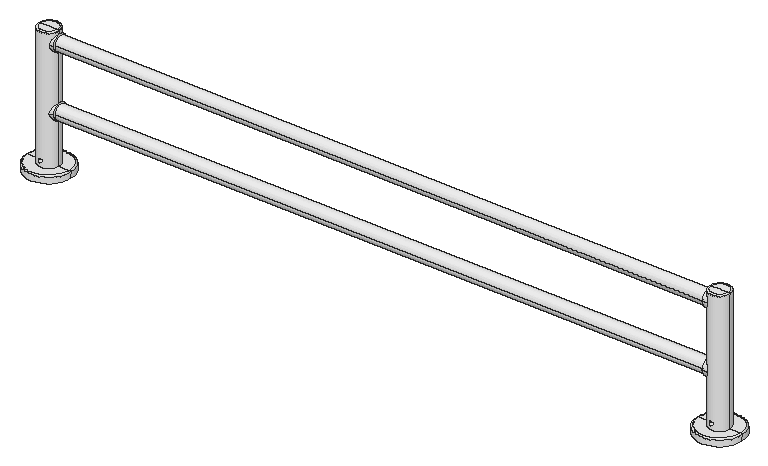
Revit family "CLARK ROUND DOUBLE TOWEL RAIL 600MM", category Specialty Equipment, host Face, Revit 2019
Family settings
  Host = Face
  Round Connector Dimension = Use Radius
  Part Type = Normal
  OmniClass Number = 23.40.20.21.27
  OmniClass Title = Towel Bars
  Cut with Voids When Loaded = No
  Shared = No
  Room Calculation Point = No
Parameters (values of type "CLARK ROUND DOUBLE TOWEL RAIL 600MM - CHROME")
  URL = "https://www.clark.com.au/"
  Rail_Length = 600 mm
  Model = "CL60033.C"
  Material_Base = GWA_Metal-Chrome
  Manufacturer = "GWA Bathrooms & Kitchens"  # constant formula
  Description = "CLARK ROUND DOUBLE TOWEL RAIL 600MM - CHROME"
  Default Elevation = 900 mm
  CreatedBy_ANZRS = "GWA Bathrooms & Kitchens"  # constant formula
  Assembly Code = "C1030200"
Types (3, lengths in mm): name | Model | Material_Base | Description
  (no name) | "CL60033.C" | GWA_Metal-Chrome | "CLARK ROUND DOUBLE TOWEL RAIL 600MM - CHROME"
  CLARK ROUND DOUBLE TOWEL RAIL 600MM - CHROME | "CL60033.C" | GWA_Metal-Chrome | "CLARK ROUND DOUBLE TOWEL RAIL 600MM - CHROME"
  CLARK ROUND DOUBLE TOWEL RAIL 600MM – MATTE BLACK | "CL60033.B" | GWA-Metal-Black | "CLARK ROUND DOUBLE TOWEL RAIL 600MM – MATTE BLACK"
Reference planes
  plane 1 "Center (Front/Back)": y = 0
  plane 2: z = 0
  plane 3 "Center (Left/Right)": x = 0
Forms (mm)
  Revolve 1, solid, material "GWA_Metal-Chrome" <- "Material_Base"
    sketch origin (-300, 0, 0) x (1, 0, 0) y (0, 0, 1)
      loop
        line (0, 0) -> (20, 0) -> (20, 5)
        arc (20, 5) -> (19.707, 5.707) -> (19, 6) r 1
        line (19, 6) -> (0, 6) -> (0, 0)
      axis (0, 0) -> (0, 6)
    angle from 0 to 360
  Revolve 2, solid, material "GWA_Metal-Chrome" <- "Material_Base"
    sketch origin (300, 0, 0) x (1, 0, 0) y (0, 0, 1)
      loop
        line (0, 0) -> (20, 0) -> (20, 5)
        arc (20, 5) -> (19.707, 5.707) -> (19, 6) r 1
        line (19, 6) -> (0, 6) -> (0, 0)
      axis (0, 0) -> (0, 6)
    angle from 0 to 360
  Revolve 3, solid, material "GWA_Metal-Chrome" <- "Material_Base"
    sketch origin (-300, 0, 0) x (1, 0, 0) y (0, 0, 1)
      loop
        line (0, 6) -> (9, 6) -> (9, 114)
        arc (9, 114) -> (8.707, 114.707) -> (8, 115) r 1
        line (8, 115) -> (0, 115) -> (0, 6)
      axis (0, 6) -> (0, 115)
    angle from 0 to 360
  Revolve 4, solid, material "GWA_Metal-Chrome" <- "Material_Base"
    sketch origin (300, 0, 0) x (1, 0, 0) y (0, 0, 1)
      loop
        line (0, 6) -> (9, 6) -> (9, 114)
        arc (9, 114) -> (8.707, 114.707) -> (8, 115) r 1
        line (8, 115) -> (0, 115) -> (0, 6)
      axis (0, 6) -> (0, 115)
    angle from 0 to 360
  Extrusion 5, solid, material "GWA_Metal-Chrome" <- "Material_Base"
    sketch origin (0, 0, 0) x (0, 1, 0) y (0, 0, 1)
      loop
        circle (0, 50) r 6.25
      loop
        circle (0, 105) r 6.25
    from -290 to 290
  Extrusion 6, solid, material "GWA_Metal-Chrome" <- "Material_Base"
    sketch origin (0, 0, 0) x (0, 1, 0) y (0, 0, 1)
      loop
        circle (0, 50) r 7
      loop
        circle (0, 105) r 7
    from -300 to -290
  Extrusion 7, solid, material "GWA_Metal-Chrome" <- "Material_Base"
    sketch origin (0, 0, 0) x (0, 1, 0) y (0, 0, 1)
      loop
        circle (0, 50) r 7
      loop
        circle (0, 105) r 7
    from 290 to 300
  Extrusion 8, void
    sketch origin (0, 0, 0) x (1, 0, 0) y (0, 0, 1)
      loop
        circle (-300, 11) r 2
    from 5 to 10
  Extrusion 9, void
    sketch origin (0, 0, 0) x (-1, 0, 0) y (0, 0, -1)
      loop
        circle (-300, -11) r 2
    from 5 to 10
Cuts and joins
  Extrusion 8, Extrusion 9 cuts Revolve 3
  Extrusion 9 cuts Extrusion 6
  joined: Revolve 3, Extrusion 6
  Extrusion 9 cuts Revolve 4
  joined: Revolve 4, Extrusion 7
Lines and regions (mm)
  Masking region 1
    outline origin (0, 0, 0) x (1, 0, 0) y (0, 1, 0)
      loop
        arc (-281.002, 6.25) -> (-320, 0) -> (-281.002, -6.25) r 20
        line (-281.002, -6.25) -> (281.002, -6.25)
        arc (281.002, -6.25) -> (320, 0) -> (281.002, 6.25) r 20
        line (281.002, 6.25) -> (-281.002, 6.25)
  Masking region 2
    outline origin (0, 0, 0) x (0, 1, 0) y (0, 0, 1)
      loop
        line (20, 0) -> (20, 5)
        arc (20, 5) -> (19.707, 5.707) -> (19, 6) r 1
        line (19, 6) -> (9, 6) -> (9, 114)
        arc (9, 114) -> (8.707, 114.707) -> (8, 115) r 1
        line (8, 115) -> (-8, 115)
        arc (-8, 115) -> (-8.707, 114.707) -> (-9, 114) r 1
        line (-9, 114) -> (-9, 6) -> (-19, 6)
        arc (-19, 6) -> (-19.707, 5.707) -> (-20, 5) r 1
        line (-20, 5) -> (-20, 0) -> (20, 0)
  Masking region 3
    outline origin (0, 0, 0) x (1, 0, 0) y (0, 0, 1)
      loop
        line (309, 6) -> (309, 114)
        arc (309, 114) -> (308.707, 114.707) -> (308, 115) r 1
        line (308, 115) -> (292, 115)
        arc (292, 115) -> (291.293, 114.707) -> (291, 114) r 1
        line (291, 114) -> (291, 112) -> (290, 112) -> (290, 98) -> (291, 98) -> (291, 57) -> (290, 57) -> (290, 43) -> (291, 43) -> (291, 6) -> (281, 6)
        arc (281, 6) -> (280.293, 5.707) -> (280, 5) r 1
        line (280, 5) -> (280, 0) -> (320, 0) -> (320, 5)
        arc (320, 5) -> (319.707, 5.707) -> (319, 6) r 1
        line (319, 6) -> (309, 6)
  Masking region 4
    outline origin (0, 0, 0) x (-1, 0, 0) y (0, 0, 1)
      loop
        line (309, 6) -> (309, 114)
        arc (309, 114) -> (308.707, 114.707) -> (308, 115) r 1
        line (308, 115) -> (292, 115)
        arc (292, 115) -> (291.293, 114.707) -> (291, 114) r 1
        line (291, 114) -> (291, 112) -> (290, 112) -> (290, 98) -> (291, 98) -> (291, 57) -> (290, 57) -> (290, 43) -> (291, 43) -> (291, 6) -> (281, 6)
        arc (281, 6) -> (280.293, 5.707) -> (280, 5) r 1
        line (280, 5) -> (280, 0) -> (320, 0) -> (320, 5)
        arc (320, 5) -> (319.707, 5.707) -> (319, 6) r 1
        line (319, 6) -> (309, 6)
  Masking region 5
    outline origin (0, 0, 0) x (1, 0, 0) y (0, 0, 1)
      loop
        line (-290, 111.25) -> (-290, 98.75) -> (290, 98.75) -> (290, 111.25) -> (-290, 111.25)
  Masking region 6
    outline origin (0, 0, -55) x (1, 0, 0) y (0, 0, 1)
      loop
        line (-290, 111.25) -> (-290, 98.75) -> (290, 98.75) -> (290, 111.25) -> (-290, 111.25)
  symbolic lines
    curve 1: arc (-281.002, 6.25, 0) -> (-320, 0, 0) -> (-281.002, -6.25, 0) r 20
    curve 2: circle (-300, 0, 0) r 9 normal (0, 0, 1)
    curve 3: line (-291, 7, 0) -> (-294.343, 7, 0)
    curve 4: line (-291, 7, 0) -> (-291, -7, 0)
    curve 5: line (-291, -7, 0) -> (-294.343, -7, 0)
    curve 6: arc (281.002, 6.25, 0) -> (320, 0, 0) -> (281.002, -6.25, 0) r 20
    curve 7: circle (300, 0, 0) r 9 normal (0, 0, -1)
    curve 8: line (291, 7, 0) -> (294.343, 7, 0)
    curve 9: line (291, 7, 0) -> (291, -7, 0)
    curve 10: line (291, -7, 0) -> (294.343, -7, 0)
    curve 13: line (0, 20, 0) -> (0, -20, 0)
    curve 14: line (0, -20, 0) -> (0, -20, 5)
    curve 15: line (0, -19, 6) -> (0, 19, 6)
    curve 16: line (0, 20, 5) -> (0, 20, 0)
    curve 17: line (0, -9, 6) -> (0, -9, 114)
    curve 18: line (0, 9, 6) -> (0, 9, 114)
    curve 19: line (0, -8, 115) -> (0, 8, 115)
    curve 20: arc (0, -9, 114) -> (0, -8.707, 114.707) -> (0, -8, 115) r 1
    curve 21: arc (0, 8, 115) -> (0, 8.707, 114.707) -> (0, 9, 114) r 1
    curve 22: arc (0, 20, 5) -> (0, 19.707, 5.707) -> (0, 19, 6) r 1
    curve 23: arc (0, -19, 6) -> (0, -19.707, 5.707) -> (0, -20, 5) r 1
    curve 24: line (-292, 0, 115) -> (-308, 0, 115)
    curve 25: line (-280, 0, 0) -> (-320, 0, 0)
    curve 26: line (-320, 0, 0) -> (-320, 0, 5)
    curve 27: line (-319, 0, 6) -> (-281, 0, 6)
    curve 28: line (-280, 0, 5) -> (-280, 0, 0)
    curve 29: line (-309, 0, 6) -> (-309, 0, 114)
    curve 30: line (-291, 0, 6) -> (-291, 0, 43)
    curve 31: arc (-309, 0, 114) -> (-308.707, 0, 114.707) -> (-308, 0, 115) r 1
    curve 32: arc (-292, 0, 115) -> (-291.293, 0, 114.707) -> (-291, 0, 114) r 1
    curve 33: arc (-281, 0, 6) -> (-280.293, 0, 5.707) -> (-280, 0, 5) r 1
    curve 34: arc (-319, 0, 6) -> (-319.707, 0, 5.707) -> (-320, 0, 5) r 1
    curve 35: line (290, 0, 56.25) -> (-290, 0, 56.25)
    curve 36: line (-290, 0, 43.75) -> (290, 0, 43.75)
    curve 37: line (290, 0, 111.25) -> (-290, 0, 111.25)
    curve 38: line (-290, 0, 98.75) -> (290, 0, 98.75)
    curve 39: line (-291, 0, 112) -> (-294.343, 0, 105)
    curve 40: line (-291, 0, 98) -> (-294.343, 0, 105)
    curve 41: line (-294.343, 0, 50) -> (-291, 0, 57)
    curve 42: line (-291, 0, 43) -> (-294.343, 0, 50)
    curve 43: line (-291, 0, 57) -> (-290, 0, 57)
    curve 44: line (-290, 0, 57) -> (-290, 0, 43)
    curve 45: line (-291, 0, 43) -> (-290, 0, 43)
    curve 46: line (-291, 0, 112) -> (-290, 0, 112)
    curve 47: line (-290, 0, 112) -> (-290, 0, 98)
    curve 48: line (-291, 0, 98) -> (-290, 0, 98)
    curve 49: line (292, 0, 115) -> (308, 0, 115)
    curve 50: line (280, 0, 0) -> (320, 0, 0)
    curve 51: line (320, 0, 0) -> (320, 0, 5)
    curve 52: line (319, 0, 6) -> (281, 0, 6)
    curve 53: line (280, 0, 5) -> (280, 0, 0)
    curve 54: line (309, 0, 6) -> (309, 0, 114)
    curve 55: line (291, 0, 6) -> (291, 0, 43)
    curve 56: arc (309, 0, 114) -> (308.707, 0, 114.707) -> (308, 0, 115) r 1
    curve 57: arc (292, 0, 115) -> (291.293, 0, 114.707) -> (291, 0, 114) r 1
    curve 58: arc (281, 0, 6) -> (280.293, 0, 5.707) -> (280, 0, 5) r 1
    curve 59: arc (319, 0, 6) -> (319.707, 0, 5.707) -> (320, 0, 5) r 1
    curve 60: line (291, 0, 112) -> (294.343, 0, 105)
    curve 61: line (291, 0, 98) -> (294.343, 0, 105)
    curve 62: line (294.343, 0, 50) -> (291, 0, 57)
    curve 63: line (291, 0, 43) -> (294.343, 0, 50)
    curve 64: line (291, 0, 57) -> (290, 0, 57)
    curve 65: line (290, 0, 57) -> (290, 0, 43)
    curve 66: line (291, 0, 43) -> (290, 0, 43)
    curve 67: line (291, 0, 112) -> (290, 0, 112)
    curve 68: line (290, 0, 112) -> (290, 0, 98)
    curve 69: line (291, 0, 98) -> (290, 0, 98)
    curve 70: line (291, 0, 112) -> (291, 0, 114)
    curve 71: line (291, 0, 57) -> (291, 0, 98)
    curve 72: line (-291, 0, 112) -> (-291, 0, 114)
    curve 73: line (-291, 0, 57) -> (-291, 0, 98)
  symbolic lines, style "SpecialityEquipment"
    curve 11: line (-291, 6.25, 0) -> (291, 6.25, 0)
    curve 12: line (291, -6.25, 0) -> (-291, -6.25, 0)
Dimensions and locks
  aligned and locked: plane 2 to host face
  aligned and locked: level to host face
